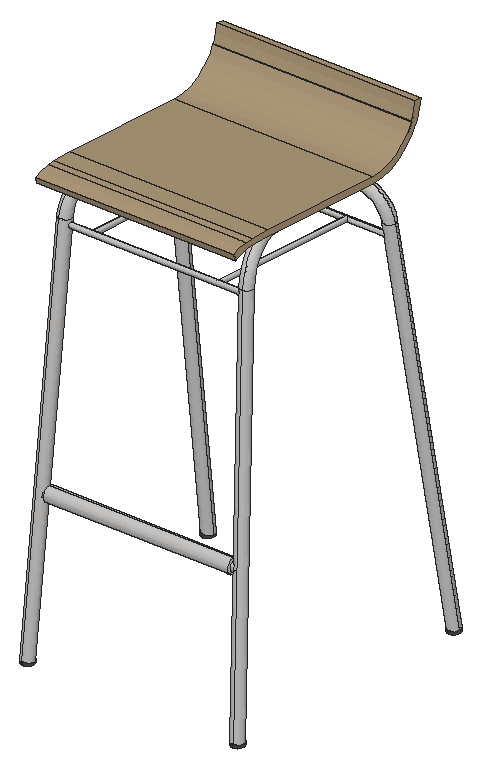
Revit family "Chair-Multi-Purpose-Allermuir-Scoop-A430", category Furniture, Revit 2012
Parameters (values of type "A430")
  ecoScorecard_data = "http://thesenatorgroup.ecoscorecard.com/product/A430"
  ecoScorecard Product Page = "http://products.ecoscorecard.com/allermuir/A430?action=html"
  Weight = 16.0 lbf
  Upholstered Seat = "NO"  # constant formula
  Upholstered Back = "NO"  # constant formula
  URL = "http://www.allermuir.net/Default.aspx"
  Swaged Tubular Steel Legs = "YES"  # constant formula
  Subcategory = "Multi-Purpose Line"  # constant formula
  Stacks = no
  Specifications URL = "http://www.allermuir.net/Services/File.ashx?Id=4481"
  Slimline Upholstery = no
  Seat or Base = Wood - Allermuir - Plywood - New
  Seat Width = 406.4 mm  # constant formula
  Seat Height = 755 mm  # constant formula
  Seat Depth Adjustment = no
  Seat Depth = 381 mm  # constant formula
  Product Page URL = "http://www.allermuir.net/Default.aspx"
  Product Line = "Scoop"  # constant formula
  Pricing URL = "http://www.allermuir.net/Services/File.ashx?Id=4326"
  Polished Aluminum Base = no
  Polished Aluminum Arm Carrier = no
  Plugin Data URL = "http://products.ecoscorecard.com/thesenatorgroup/A430"
  Plastic Arms in Black = "NO"  # constant formula
  Pedestal Base = "NO"  # constant formula
  Overall Width = 440 mm  # constant formula
  Overall Height = 820 mm  # constant formula
  Overall Depth = 450 mm  # constant formula
  Optional Feature Notes = "Beech shell can be stained, see page 011 for stain options,  Round Steel tube frame in Polished Chrome frame and Chrome frame, counter height stool option"  # constant formula
  Negative Seat Tilt = no
  Model = "A430"
  Manufacturer Phone - Toll Free = "(888) 887 5806"  # constant formula
  Manufacturer Phone = "(419) 887 5806"  # constant formula
  Manufacturer Fax = "(419) 887 5805"  # constant formula
  Manufacturer Email = "mailto:contact@allermuir-na.com"
  Manufacturer Address = "1630 Holland Road, Maumee, Ohio 43537 "  # constant formula
  Manufacturer = "Allermuir"  # constant formula
  Lumbar Adjustment = no
  LEED Stats URL = "http://www.allermuir.net/Services/File.ashx?Id=4540"
  Height Adjustable Arms with Multi funtction Pad = no
  Height Adjustable Arms = no
  Glides = Coarse Textured - Black
  Fabric Spec Sheets = "http://www.allermuir.net/Services/File.ashx?Type=B&Id=51"
  Detachable writing table = no
  Description = "High stool"  # constant formula
  Color Availability = "See price list for material options"  # constant formula
  Base or Frame = " Round Steel tube frame in Silver M04 EPPC"  # constant formula
  Base Type = "4 leg frame"  # constant formula
  CAD Blocks URL = "http://www.allermuir.net/Services/File.ashx?Id=4591"
  Brochure URL = "http://www.allermuir.net/Services/File.ashx?Id=4541"
  Black Plastic Back Membrane = no
  Black Gas Lift = no
  Black GRP Base = no
  Black Components = no
  Back = Stainless - Polished Brushed
  Assembly Code = "E2020200"
  Airflow Back Mesh = no
  Advanced Sync Tilt with Multi Position Back = no
  95 CSI = "12510"  # constant formula
  2.5" Casters = no
  04 CSI = "12 51 00"  # constant formula
Reference planes
  plane 1 "Center Front/Back": y = 0
  plane 2: z = 0
  plane 3 "Center Left/Right": x = 0
  plane 4: x = -220
  plane 5: y = 225
  plane 6: y = -225
  plane 7: x = 220
  plane 8: z = 820
  plane 9: z = 755
Dimensions and locks
  equal spacing: plane 4, plane 3 "Center Left/Right", plane 7
  "Overall Width": plane 4 to plane 7
  equal spacing: plane 5, plane 1 "Center Front/Back", plane 6
  "Overall Depth": plane 5 to plane 6
  "Overall Height": plane 8 to level
  "Seat Height": plane 9 to level
Nested families
  nested 1: "A430" at (0, 0, 0), type "A430"
Definition of nested family "A430"
  Parameters (values of type "A430")
    Width = 431.8 mm
    Seat Height = 762 mm
    Legs = Stainless - Polished Brushed
    Leg Base = Coarse Textured - Black
    Height = 812.8 mm
    Depth = 457.2 mm
    Chair Seat = Wood - Allermuir - Plywood - New
  Reference planes
    plane 1 "Center (Front/Back)": y = 0
    plane 2: z = 0
    plane 3 "Center (Left/Right)": x = 0
    plane 4: x = -215.9
    plane 5: y = 228.6
    plane 6: x = 215.9
    plane 7: y = -228.6
    plane 8: z = 812.8
    plane 9: z = 762
  Forms (mm)
    Sweep 1, solid, material "Wood - Allermuir - Plywood - New" <- "Chair Seat"
      path origin (0, 0, 0) x (1, 0, 0) y (0, 1, 0)
        loop
          line (-169.606, -185.168) -> (170.396, -185.168)
      profile origin (0.395, -185.168, 0) x (0, 1, 0) y (0, 0, 1)
        loop
          arc (276.396, 726.778) -> (332.456, 739.823) -> (370.766, 782.779) r 95.25
          line (370.766, 782.779) -> (371.152, 783.641)
          arc (371.152, 783.641) -> (376.333, 798.131) -> (379.198, 813.251) r 98.722
          line (379.198, 813.251) -> (366.781, 814.388)
          arc (366.781, 814.388) -> (364.352, 800.116) -> (359.563, 786.454) r 86.022
          line (359.563, 786.454) -> (359.177, 785.592)
          arc (359.177, 785.592) -> (325.975, 748.364) -> (277.39, 737.058) r 82.55
          line (277.39, 737.058) -> (50.701, 754.846)
          arc (50.701, 754.846) -> (34.34, 755.59) -> (17.966, 755.257) r 249.113
          line (17.966, 755.257) -> (5.938, 754.617)
          arc (5.938, 754.617) -> (-8.553, 752.483) -> (-22.399, 747.706) r 78.862
          line (-22.399, 747.706) -> (-18.521, 737.902) -> (-17.156, 738.52)
          arc (-17.156, 738.52) -> (-5.542, 742.526) -> (6.613, 744.316) r 66.162
          line (6.613, 744.316) -> (18.641, 744.956)
          arc (18.641, 744.956) -> (34.181, 745.272) -> (49.707, 744.566) r 236.413
          line (49.707, 744.566) -> (276.396, 726.778)
    Sweep 2, solid, material "Stainless - Polished Brushed" <- "Legs"
      path origin (-2.909, 213.48, 1.972) x (1, 0, 0) y (0, -0.155717, 0.987802)
        loop
          line (-207.027, 0.761) -> (-182.63, 673.419)
          arc (-182.63, 673.419) -> (-167.127, 708.143) -> (-131.863, 722.377) r 50.8
          line (-131.863, 722.377) -> (137.88, 722.377)
          arc (137.88, 722.377) -> (173.089, 708.196) -> (188.641, 673.571) r 50.8
          line (188.641, 673.571) -> (215.07, 0.761)
      profile origin (-197.738, 160.99, 334.95) x (-0.999343, -0.005644, 0.035804) y (0, -0.987802, -0.155717)
        loop
          circle (0, 0) r 10.16
    Revolve 3, solid, material "Coarse Textured - Black" <- "Leg Base"
      sketch origin (-180.31, 1534.333, 1219.398) x (0, 1, 0) y (0, 0, 1)
        loop
          line (-1734.657, -1214.843) -> (-1745.107, -1214.843) -> (-1745.107, -1219.415) -> (-1734.657, -1219.415) -> (-1734.657, -1214.843)
        axis (-1745.107, -1214.843) -> (-1745.107, -1219.415)
      angle from 0 to 360
    Revolve 4, solid, material "Coarse Textured - Black" <- "Leg Base"
      sketch origin (-209.956, -1531.98, 1219.398) x (0, -1, 0) y (0, 0, -1)
        loop
          line (-1734.657, 1214.843) -> (-1734.657, 1219.415) -> (-1745.107, 1219.415) -> (-1745.107, 1214.843) -> (-1734.657, 1214.843)
        axis (-1745.107, 1214.843) -> (-1745.107, 1219.415)
      angle from 0 to 360
    Sweep 5, solid, material "Stainless - Polished Brushed" <- "Legs"
      path origin (-137.379, -9.001, 303.528) x (0.175841, 0.984419, 0.000077) y (0.022099, -0.004026, 0.999748)
        loop
          line (115.013, 412.166) -> (-85.086, 427.813)
          arc (-85.086, 427.813) -> (-131.284, 412.785) -> (-153.339, 369.5) r 63.5
          line (-153.339, 369.5) -> (-206.259, -301.441)
      profile origin (-168.243, -186.136, 337.535) x (0.173559, 0.981687, -0.078534) y (0.98417, -0.175795, -0.022463)
        loop
          circle (0, 0) r 10.16
    Revolve 6, solid, material "Coarse Textured - Black" <- "Leg Base"
      sketch origin (212.139, -1531.98, 1219.398) x (0, -1, 0) y (0, 0, 1)
        loop
          line (-1734.657, -1214.843) -> (-1745.107, -1214.843) -> (-1745.107, -1219.415) -> (-1734.657, -1219.415) -> (-1734.657, -1214.843)
        axis (-1745.107, -1214.843) -> (-1745.107, -1219.415)
      angle from 0 to 360
    Sweep 7, solid, material "Stainless - Polished Brushed" <- "Legs"
      path origin (0, -57.318, 3.519) x (1, 0, 0) y (0, 0.078459, 0.996917)
        loop
          line (-27.881, 729.34) -> (-27.881, 732.331)
      profile origin (-27.881, 0.022, 732.102) x (-1, 0, 0) y (0, -0.996917, 0.078459)
        loop
          line (-138.517, -50.059) -> (82.254, -50.059) -> (88.371, -15.476)
          arc (88.371, -15.476) -> (80.164, -13.9) -> (77.349, -6.032) r 8.429
          line (77.349, -6.032) -> (84.184, 32.615)
          arc (84.184, 32.615) -> (87.104, 37.668) -> (92.589, 39.664) r 8.536
          line (92.589, 39.664) -> (98.124, 39.664) -> (104.119, 73.559) -> (66.667, 73.559)
          arc (66.667, 73.559) -> (59.106, 70.808) -> (55.081, 63.843) r 11.765
          line (55.081, 63.843) -> (42.175, -9.127)
          arc (42.175, -9.127) -> (39.259, -14.171) -> (33.784, -16.164) r 8.521
          line (33.784, -16.164) -> (-90.056, -16.164)
          arc (-90.056, -16.164) -> (-95.524, -14.174) -> (-98.435, -9.137) r 8.509
          line (-98.435, -9.137) -> (-111.386, 64.082)
          arc (-111.386, 64.082) -> (-115.409, 71.045) -> (-122.966, 73.794) r 11.76
          line (-122.966, 73.794) -> (-160.423, 73.794) -> (-154.386, 39.664) -> (-148.862, 39.664)
          arc (-148.862, 39.664) -> (-143.377, 37.668) -> (-140.457, 32.615) r 8.536
          line (-140.457, 32.615) -> (-133.621, -6.032)
          arc (-133.621, -6.032) -> (-136.432, -13.896) -> (-144.633, -15.48) r 8.429
          line (-144.633, -15.48) -> (-138.517, -50.059)
        loop
          circle (48.918, -37.956) r 1.82
        loop
          circle (66.944, -37.968) r 4.027
        loop
          circle (66.667, 61.794) r 4.039
        loop
          circle (84.886, 61.701) r 1.829
        loop
          circle (-105.191, -37.956) r 1.82
        loop
          circle (-123.217, -37.968) r 4.027
        loop
          circle (-122.939, 61.794) r 4.039
        loop
          circle (-141.159, 61.701) r 1.829
    Sweep 8, solid, material "Stainless - Polished Brushed" <- "Legs"
      path origin (0, 0, 0) x (1, 0, 0) y (0, 0, 1)
        loop
          line (-167.335, 259.338) -> (167.422, 259.338)
      profile origin (0.043, 0, 259.338) x (0, 0, 1) y (0, -1, 0)
        loop
          circle (-0.598, 192.231) r 8.001
    Sweep 9, solid, material "Stainless - Polished Brushed" <- "Legs"
      path origin (0, 0, 0) x (1, 0, 0) y (0, 0, 1)
        loop
          line (-158.098, 259.338) -> (158.132, 259.338)
      profile origin (0.017, 0, 259.338) x (0, 0, 1) y (0, -1, 0)
        loop
          circle (-0.598, 192.231) r 12.065
    Sweep 10, solid, material "Stainless - Polished Brushed" <- "Legs"
      path origin (0, 0, 0) x (1, 0, 0) y (0, 0, 1)
        loop
          line (-177.249, 641.563) -> (177.751, 641.563)
      profile origin (0.251, 0, 641.563) x (0, 0, 1) y (0, -1, 0)
        loop
          circle (0.015, -113.151) r 4.064
    Sweep 11, solid, material "Stainless - Polished Brushed" <- "Legs"
      path origin (0, -275.219, 21.696) x (1, 0, 0) y (0, 0, 1)
        loop
          line (-154.997, 641.563) -> (152.324, 641.563)
      profile origin (-1.337, -275.219, 663.26) x (0, 0, 1) y (0, -1, 0)
        loop
          circle (0.015, -113.151) r 4.064
    Sweep 12, solid, material "Stainless - Polished Brushed" <- "Legs"
      path origin (5.148, -93.978, 14.333) x (0, 0.996918, -0.078445) y (0, 0.078445, 0.996918)
        loop
          line (-119.523, 641.563) -> (157.401, 641.563)
      profile origin (5.148, -24.77, 652.434) x (0, 0.078445, 0.996918) y (1, 0, 0)
        loop
          circle (0.015, -113.151) r 3.937
    Sweep 13, solid, material "Stainless - Polished Brushed" <- "Legs"
      path origin (-5.148, -93.976, 14.333) x (0, 0.996918, -0.078445) y (0, -0.078445, -0.996918)
        loop
          line (-119.523, -641.563) -> (157.401, -641.563)
      profile origin (-5.148, -24.768, 652.434) x (0, -0.078445, -0.996918) y (-1, 0, 0)
        loop
          circle (-0.015, -113.151) r 3.937
    Revolve 14, solid, material "Coarse Textured - Black" <- "Leg Base"
      sketch origin (180.31, 1534.333, 1219.398) x (0, 1, 0) y (0, 0, -1)
        loop
          line (-1734.657, 1214.843) -> (-1734.657, 1219.415) -> (-1745.107, 1219.415) -> (-1745.107, 1214.843) -> (-1734.657, 1214.843)
        axis (-1745.107, 1214.843) -> (-1745.107, 1219.415)
      angle from 0 to 360
    Sweep 15, solid, material "Stainless - Polished Brushed" <- "Legs"
      path origin (137.379, -9.001, 303.528) x (-0.175841, 0.984419, 0.000077) y (0.022099, 0.004026, -0.999748)
        loop
          line (115.013, -412.166) -> (-85.086, -427.813)
          arc (-85.086, -427.813) -> (-131.284, -412.785) -> (-153.339, -369.5) r 63.5
          line (-153.339, -369.5) -> (-206.259, 301.441)
      profile origin (168.243, -186.136, 337.535) x (0.173559, -0.981687, 0.078534) y (-0.98417, -0.175795, -0.022463)
        loop
          circle (0, 0) r 10.16
  Cuts and joins
    joined: Sweep 8, Sweep 9
    joined: Sweep 2, Sweep 5, Sweep 10, Sweep 11, Sweep 12, Sweep 13, Sweep 15
  Lines and regions (mm)
    symbolic lines, style "Chair"
      curve 1: line (-169.606, -207.567, 0) -> (-169.606, 194.03, 0)
      curve 2: line (170.396, 194.03, 0) -> (-169.606, 194.03, 0)
      curve 3: line (170.396, 181.613, 0) -> (-169.606, 181.613, 0)
      curve 4: line (170.396, -207.567, 0) -> (170.396, 194.03, 0)
      curve 5: line (170.396, -207.567, 0) -> (-169.606, -207.567, 0)
      curve 6: line (-176.462, 114.877, 0) -> (-200.105, 215.761, 0)
      curve 7: line (-218.804, 207.631, 0) -> (-195.562, 106.959, 0)
      curve 8: arc (-218.804, 207.631, 0) -> (-214.342, 222.937, 0) -> (-200.105, 215.761, 0) r 10.369
      curve 9: line (-169.606, 117.22, 0) -> (-177.012, 117.22, 0)
      curve 10: arc (-178.782, 115.66, 0) -> (-174.257, 114.264, 0) -> (-169.606, 113.373, 0) r 43.097
      curve 11: arc (-186.396, 96.699, 0) -> (-178.116, 94.35, 0) -> (-169.606, 93.058, 0) r 68.438
      curve 12: arc (-195.562, 106.959, 0) -> (-192.295, 100.653, 0) -> (-186.396, 96.699, 0) r 14.289
      curve 13: line (176.469, 114.525, 0) -> (202.192, 215.632, 0)
      curve 14: line (195.516, 106.447, 0) -> (222.035, 210.682, 0)
      curve 15: arc (202.192, 215.632, 0) -> (215.762, 222.866, 0) -> (221.506, 208.602, 0) r 10.336
      curve 16: line (177.157, 117.231, 0) -> (170.396, 117.231, 0)
      curve 17: arc (178.887, 115.666, 0) -> (174.721, 114.288, 0) -> (170.396, 113.549, 0) r 29.3
      curve 18: arc (170.396, 93.019, 0) -> (178.175, 94.296, 0) -> (185.808, 96.264, 0) r 88.205
      curve 19: arc (185.808, 96.264, 0) -> (191.996, 100.084, 0) -> (195.516, 106.447, 0) r 14.35
      curve 20: line (-169.606, -166.527, 0) -> (-189.632, -206.051, 0)
      curve 21: line (-167.335, -207.567, 0) -> (-171.092, -214.982, 0)
      curve 22: arc (-180.31, -221.224, 0) -> (-173.771, -218.926, 0) -> (-170.109, -213.042, 0) r 10.45
      curve 23: arc (-189.632, -206.051, 0) -> (-189.214, -216.244, 0) -> (-180.31, -221.224, 0) r 10.45
      curve 24: line (170.396, -168.086, 0) -> (189.632, -206.051, 0)
      curve 25: line (167.335, -207.567, 0) -> (171.092, -214.982, 0)
      curve 26: arc (180.31, -221.224, 0) -> (173.771, -218.926, 0) -> (170.109, -213.042, 0) r 10.45
      curve 27: arc (189.632, -206.051, 0) -> (189.214, -216.244, 0) -> (180.31, -221.224, 0) r 10.45
  Dimensions and locks
    equal spacing: plane 4, plane 3 "Center (Left/Right)", plane 6
    equal spacing: plane 5, plane 1 "Center (Front/Back)", plane 7
    "Width": plane 4 to plane 6
    "Depth": plane 5 to plane 7
    "Height": plane 8 to plane 2
    "Seat Height": plane 9 to level
    aligned and locked: plane 2 to level
    aligned and locked: Revolve 3 to Revolve 4
  Automatic sketch dimensions
    plane 4 to Sweep 1 sketch curve = 46.294 mm
    plane 6 to Sweep 1 sketch curve = 45.504 mm
    Sweep 1 sketch curve to plane 7 = 43.432 mm
    plane 4 to Sweep 2 sketch curve = 5.963 mm
    plane 4 to Sweep 2 sketch curve = 30.361 mm
    Sweep 2 sketch curve to Sweep 2 sketch curve = 50.767 mm
    plane 6 to Sweep 2 sketch curve = 80.929 mm
    plane 6 to Sweep 2 sketch curve = 30.169 mm
    plane 6 to Sweep 2 sketch curve = 3.739 mm
    Sweep 2 sketch curve to Sweep 2 sketch curve = 0 mm  (x2)
    Sweep 2 sketch curve to Sweep 2 sketch curve = 670.816 mm
    Sweep 2 sketch curve to Sweep 2 sketch curve = 1.841 mm
    Sweep 2 sketch curve to profile plane = 0 mm
    profile plane to Sweep 2 sketch curve = 0 mm
    Sweep 5 sketch curve to Sweep 5 sketch curve = 52.92 mm
    Sweep 5 sketch curve to Sweep 5 sketch curve = 63.303 mm
    Sweep 5 sketch curve to Sweep 5 sketch curve = 4.95 mm
    Sweep 5 sketch curve to Sweep 5 sketch curve = 200.099 mm
    Sweep 5 sketch curve to Sweep 5 sketch curve = 665.948 mm
    Sweep 5 sketch curve to Sweep 5 sketch curve = 4.993 mm
    Sweep 5 sketch curve to Sweep 5 sketch curve = 15.647 mm
    Sweep 5 sketch curve to profile plane = 0 mm  (x2)
    Sweep 7 sketch curve to plane 3 "Center (Left/Right)" = 27.881 mm
    Sweep 7 sketch curve to Sweep 7 sketch curve = 2.991 mm
    Sweep 7 sketch curve to Sweep 7 sketch curve = 0 mm  (x2)
    profile plane to Sweep 7 sketch curve = 73.794 mm
    profile plane to Sweep 7 sketch curve = 160.423 mm
    profile plane to Sweep 7 sketch curve = 39.664 mm  (x2)
    Sweep 7 sketch curve to Sweep 7 sketch curve = 6.037 mm
    Sweep 7 sketch curve to Sweep 7 sketch curve = 5.524 mm
    Sweep 7 sketch curve to profile plane = 15.48 mm
    Sweep 7 sketch curve to Sweep 7 sketch curve = 4.229 mm
    Sweep 7 sketch curve to Sweep 7 sketch curve = 2.712 mm
    Sweep 7 sketch curve to Sweep 7 sketch curve = 19.264 mm
    Sweep 7 sketch curve to Sweep 7 sketch curve = 8.405 mm  (x2)
    Sweep 7 sketch curve to Sweep 7 sketch curve = 6.116 mm
    Sweep 7 sketch curve to profile plane = 6.032 mm  (x2)
    Sweep 7 sketch curve to Sweep 7 sketch curve = 8.3 mm  (x2)
    Sweep 7 sketch curve to Sweep 7 sketch curve = 15.3 mm
    Sweep 7 sketch curve to Sweep 7 sketch curve = 18.193 mm
    Sweep 7 sketch curve to Sweep 7 sketch curve = 0.027 mm
    profile plane to Sweep 7 sketch curve = 64.082 mm
    Sweep 7 sketch curve to Sweep 7 sketch curve = 11.58 mm
    Sweep 7 sketch curve to Sweep 7 sketch curve = 18.026 mm  (x2)
    Sweep 7 sketch curve to profile plane = 9.137 mm
    Sweep 7 sketch curve to Sweep 7 sketch curve = 6.755 mm
    Sweep 7 sketch curve to Sweep 7 sketch curve = 8.379 mm
    Sweep 7 sketch curve to profile plane = 7.642 mm
    Sweep 7 sketch curve to profile plane = 33.784 mm
    Sweep 7 sketch curve to Sweep 7 sketch curve = 8.391 mm
    Sweep 7 sketch curve to Sweep 7 sketch curve = 15.134 mm
    Sweep 7 sketch curve to profile plane = 55.081 mm
    Sweep 7 sketch curve to Sweep 7 sketch curve = 11.586 mm
    Sweep 7 sketch curve to Sweep 7 sketch curve = 10.404 mm
    Sweep 7 sketch curve to Sweep 7 sketch curve = 15.31 mm
    Sweep 7 sketch curve to Sweep 7 sketch curve = 17.517 mm
    Sweep 7 sketch curve to Sweep 7 sketch curve = 18.22 mm
    Sweep 7 sketch curve to Sweep 7 sketch curve = 2.723 mm
    Sweep 7 sketch curve to Sweep 7 sketch curve = 5.534 mm
    Sweep 7 sketch curve to Sweep 7 sketch curve = 19.232 mm
    Sweep 7 sketch curve to Sweep 7 sketch curve = 8.521 mm
    Sweep 7 sketch curve to Sweep 7 sketch curve = 21.793 mm  (x2)
    Sweep 7 sketch curve to Sweep 7 sketch curve = 0.011 mm  (x2)
    Sweep 7 sketch curve to Sweep 7 sketch curve = 12.091 mm
    Sweep 7 sketch curve to Sweep 7 sketch curve = 9.445 mm
    Sweep 7 sketch curve to Sweep 7 sketch curve = 8.536 mm  (x2)
    Sweep 7 sketch curve to Sweep 7 sketch curve = 22.037 mm
    Sweep 7 sketch curve to Sweep 7 sketch curve = 0.333 mm
    Sweep 7 sketch curve to Sweep 7 sketch curve = 0.241 mm
    Sweep 7 sketch curve to Sweep 7 sketch curve = 0.093 mm
    Sweep 7 sketch curve to Sweep 7 sketch curve = 2.049 mm
    plane 4 to Sweep 10 sketch curve = 38.651 mm
    plane 6 to Sweep 10 sketch curve = 38.149 mm
    Sweep 10 sketch curve to plane 8 = 171.237 mm
    Sweep 10 sketch curve to profile plane = 0.015 mm
    Sweep 10 sketch curve to plane 1 "Center (Front/Back)" = 113.151 mm
    plane 4 to Sweep 11 sketch curve = 60.903 mm
    plane 6 to Sweep 11 sketch curve = 63.576 mm
    Sweep 11 sketch curve to plane 8 = 149.54 mm
    Sweep 11 sketch curve to profile plane = 0.015 mm
    Sweep 11 sketch curve to profile plane = 113.151 mm
    Sweep 12 sketch curve to plane 7 = 65.795 mm
    Sweep 12 sketch curve to Sweep 12 sketch curve = 276.924 mm
    Sweep 12 sketch curve to profile plane = 0.015 mm
    Sweep 12 sketch curve to profile plane = 113.151 mm
    Sweep 13 sketch curve to plane 7 = 65.797 mm
    Sweep 13 sketch curve to Sweep 13 sketch curve = 276.924 mm
    profile plane to Sweep 13 sketch curve = 0.015 mm
    Sweep 13 sketch curve to profile plane = 113.151 mm
    Sweep 15 sketch curve to Sweep 15 sketch curve = 52.92 mm
    Sweep 15 sketch curve to Sweep 15 sketch curve = 63.303 mm
    Sweep 15 sketch curve to Sweep 15 sketch curve = 4.95 mm
    Sweep 15 sketch curve to Sweep 15 sketch curve = 200.099 mm
    Sweep 15 sketch curve to Sweep 15 sketch curve = 15.647 mm
    Sweep 15 sketch curve to Sweep 15 sketch curve = 58.314 mm
    Sweep 15 sketch curve to Sweep 15 sketch curve = 670.941 mm
    profile plane to Sweep 15 sketch curve = 0 mm
    Sweep 15 sketch curve to profile plane = 0 mm
    Sweep 12 sketch curve to plane 8 = 149.504 mm
    Sweep 13 sketch curve to plane 8 = 149.505 mm
    profile plane to Sweep 1 sketch curve = 22.399 mm
    Sweep 1 sketch curve to Sweep 1 sketch curve = 3.877 mm
    Sweep 1 sketch curve to Sweep 1 sketch curve = 1.365 mm
    Sweep 1 sketch curve to profile plane = 5.938 mm
    Sweep 1 sketch curve to profile plane = 6.613 mm
    Sweep 1 sketch curve to profile plane = 10.131 mm
    Sweep 1 sketch curve to Sweep 1 sketch curve = 0 mm  (x4)
    Sweep 1 sketch curve to Sweep 1 sketch curve = 12.028 mm
    Sweep 1 sketch curve to Sweep 1 sketch curve = 0.675 mm
    Sweep 1 sketch curve to profile plane = 31.213 mm
    Sweep 1 sketch curve to Sweep 1 sketch curve = 31.066 mm
    Sweep 1 sketch curve to Sweep 1 sketch curve = 0.994 mm  (x2)
    Sweep 1 sketch curve to Sweep 1 sketch curve = 226.689 mm
    Sweep 1 sketch curve to Sweep 1 sketch curve = 3.676 mm
    Sweep 1 sketch curve to Sweep 1 sketch curve = 2.782 mm
    Sweep 1 sketch curve to Sweep 1 sketch curve = 75.33 mm
    Sweep 1 sketch curve to Sweep 1 sketch curve = 0.386 mm  (x2)
    Sweep 1 sketch curve to Sweep 1 sketch curve = 7.218 mm
    Sweep 1 sketch curve to Sweep 1 sketch curve = 11.203 mm
    Sweep 1 sketch curve to Sweep 1 sketch curve = 12.417 mm
    level to Sweep 1 sketch curve = 506.496 mm
    Sweep 1 sketch curve to Sweep 1 sketch curve = 2.381 mm  (x2)
    Sweep 1 sketch curve to Sweep 1 sketch curve = 166.989 mm
    Sweep 1 sketch curve to Sweep 1 sketch curve = 48.531 mm
    Sweep 1 sketch curve to Sweep 1 sketch curve = 10.28 mm  (x2)
    Sweep 1 sketch curve to Sweep 1 sketch curve = 59.654 mm
    Sweep 1 sketch curve to Sweep 1 sketch curve = 0.618 mm
    Sweep 1 sketch curve to Sweep 1 sketch curve = 0.251 mm
    Sweep 1 sketch curve to Sweep 1 sketch curve = 9.804 mm
    Sweep 1 sketch curve to Sweep 1 sketch curve = 45.721 mm
    Sweep 1 sketch curve to Sweep 1 sketch curve = 0.861 mm  (x2)
    Sweep 1 sketch curve to Sweep 1 sketch curve = 2.813 mm
    Sweep 1 sketch curve to Sweep 1 sketch curve = 29.61 mm
    Sweep 1 sketch curve to Sweep 1 sketch curve = 1.136 mm
    Revolve 3 sketch curve to level = 0.017 mm
    Revolve 3 sketch curve to plane 7 = 17.826 mm
    Revolve 3 sketch curve to Revolve 3 sketch curve = 0 mm
    Revolve 3 sketch curve to Revolve 3 sketch curve = 10.45 mm
    level to Revolve 3 sketch curve = 4.238 mm
    level to Revolve 3 sketch curve = 4.555 mm
    Revolve 3 sketch curve to Revolve 3 sketch curve = 1.307 mm
    Revolve 4 sketch curve to level = 0.017 mm
    Revolve 4 sketch curve to plane 5 = 15.473 mm
    Revolve 4 sketch curve to Revolve 4 sketch curve = 0 mm
    Revolve 4 sketch curve to Revolve 4 sketch curve = 10.45 mm
    level to Revolve 4 sketch curve = 4.238 mm
    level to Revolve 4 sketch curve = 4.555 mm
    Revolve 4 sketch curve to Revolve 4 sketch curve = 1.307 mm
    Revolve 6 sketch curve to level = 0.017 mm
    Revolve 6 sketch curve to plane 5 = 15.473 mm
    Revolve 6 sketch curve to Revolve 6 sketch curve = 0 mm
    Revolve 6 sketch curve to Revolve 6 sketch curve = 10.45 mm
    level to Revolve 6 sketch curve = 4.238 mm
    level to Revolve 6 sketch curve = 4.555 mm
    Revolve 6 sketch curve to Revolve 6 sketch curve = 1.307 mm
    plane 4 to Sweep 8 sketch curve = 48.565 mm
    plane 6 to Sweep 8 sketch curve = 48.478 mm
    level to Sweep 8 sketch curve = 259.338 mm
    profile plane to Sweep 8 sketch curve = 0.598 mm
    plane 1 "Center (Front/Back)" to Sweep 8 sketch curve = 192.231 mm
    plane 4 to Sweep 9 sketch curve = 57.802 mm
    plane 6 to Sweep 9 sketch curve = 57.768 mm
    level to Sweep 9 sketch curve = 259.338 mm
    profile plane to Sweep 9 sketch curve = 0.598 mm
    plane 1 "Center (Front/Back)" to Sweep 9 sketch curve = 192.231 mm
    Revolve 14 sketch curve to level = 0.017 mm
    Revolve 14 sketch curve to plane 7 = 17.826 mm
    Revolve 14 sketch curve to Revolve 14 sketch curve = 0 mm
    Revolve 14 sketch curve to Revolve 14 sketch curve = 10.45 mm
    level to Revolve 14 sketch curve = 4.238 mm
    level to Revolve 14 sketch curve = 4.555 mm
    Revolve 14 sketch curve to Revolve 14 sketch curve = 1.307 mm
    curve 22 to curve 23 = 0 mm
    curve 26 to curve 27 = 0 mm
    curve 8 to plane 4 = 2.904 mm
    plane 4 to curve 8 = 5.693 mm
    curve 8 to curve 8 = 10.103 mm
    plane 4 to curve 12 = 20.338 mm
    plane 4 to curve 20 = 26.268 mm
    curve 23 to curve 20 = 0 mm
    curve 12 to curve 11 = 9.165 mm
    curve 12 to curve 11 = 0 mm
    curve 7 to curve 12 = 13.923 mm
    curve 20 to curve 22 = 9.322 mm
    curve 12 to curve 10 = 2.857 mm
    curve 10 to curve 9 = 1.77 mm
    curve 9 to curve 6 = 0.549 mm
    curve 21 to plane 7 = 13.618 mm
    curve 22 to curve 21 = 9.218 mm
    curve 21 to curve 22 = 0.983 mm
    curve 6 to curve 1 = 30.499 mm
    curve 21 to plane 7 = 21.033 mm
    curve 1 to curve 21 = 2.271 mm
    curve 3 to curve 10 = 5.775 mm
    curve 10 to curve 11 = 0.219 mm
    plane 6 to curve 18 = 55.899 mm
    plane 6 to curve 25 = 48.565 mm
    curve 18 to curve 17 = 7.632 mm
    curve 25 to curve 26 = 2.774 mm
    curve 17 to curve 16 = 2.764 mm
    curve 25 to plane 7 = 13.618 mm
    curve 26 to curve 25 = 0.983 mm
    curve 17 to curve 13 = 6.072 mm
    curve 13 to curve 16 = 0.689 mm
    curve 16 to curve 17 = 1.729 mm
    curve 25 to curve 26 = 9.218 mm
    curve 17 to curve 19 = 2.723 mm
    curve 19 to curve 19 = 4.198 mm
    curve 18 to curve 19 = 0 mm
    curve 26 to curve 27 = 9.322 mm
    curve 24 to curve 27 = 0 mm
    curve 19 to curve 19 = 9.708 mm
    plane 6 to curve 13 = 13.708 mm
    plane 6 to curve 15 = 3.674 mm
    curve 15 to plane 6 = 5.606 mm
    curve 15 to curve 14 = 0.529 mm
    curve 27 to plane 7 = 7.376 mm
    curve 23 to plane 7 = 7.376 mm
    curve 4 to curve 24 = 39.48 mm
    curve 1 to curve 20 = 41.04 mm
    curve 18 to plane 1 "Center (Front/Back)" = 93.019 mm
    curve 11 to plane 1 "Center (Front/Back)" = 93.058 mm
    curve 18 to curve 18 = 3.245 mm
    curve 11 to curve 11 = 3.641 mm
    curve 12 to curve 10 = 3.2 mm
    curve 19 to curve 17 = 3.563 mm
    curve 17 to curve 13 = 0.976 mm
    curve 12 to curve 6 = 4.704 mm
    curve 13 to curve 17 = 1.141 mm
    curve 10 to curve 9 = 3.848 mm
    curve 17 to curve 16 = 3.683 mm
    curve 18 to curve 3 = 1.005 mm
    curve 3 to curve 2 = 12.417 mm
    curve 8 to curve 8 = 8.13 mm
    curve 15 to plane 5 = 19.998 mm
    radius of Sweep 2 sketch curve = 10.16 mm
    radius of Sweep 5 sketch curve = 10.16 mm
    radius of Sweep 7 sketch curve = 1.82 mm  (x2)
    radius of Sweep 7 sketch curve = 4.027 mm  (x2)
    radius of Sweep 7 sketch curve = 4.039 mm  (x2)
    radius of Sweep 7 sketch curve = 1.829 mm  (x2)
    radius of Sweep 10 sketch curve = 4.064 mm
    radius of Sweep 11 sketch curve = 4.064 mm
    radius of Sweep 12 sketch curve = 3.937 mm
    radius of Sweep 13 sketch curve = 3.937 mm
    radius of Sweep 15 sketch curve = 10.16 mm
    radius of Sweep 8 sketch curve = 8.001 mm
    radius of Sweep 9 sketch curve = 12.065 mm
